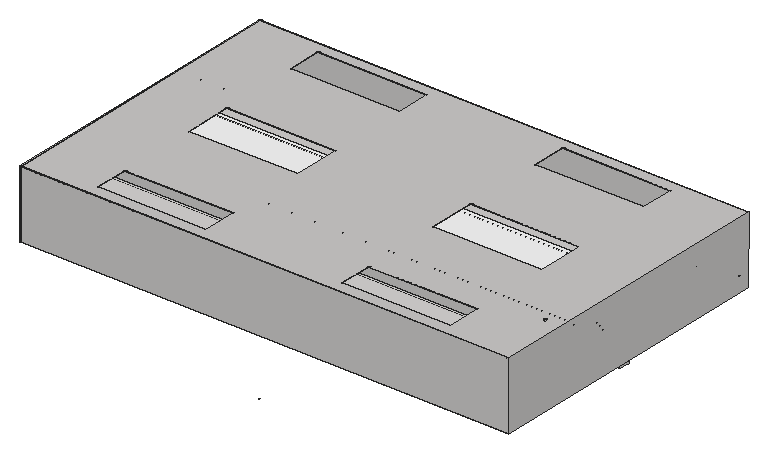
Revit family "QF_ELECTROLUXPROFESSIONAL_641270_STCF2236", category Specialty Equipment, Revit 2014
Reference planes
  plane 1: z = 0
  plane 2 "Center (Left/Right)": x = 150
  plane 3 "LEFT": x = -1650
  plane 4 "RIGHT": x = 1950
  plane 5 "BACK": y = 550
  plane 6 "TOP": z = 2500
  plane 7 "Base": z = 2000
  plane 8: z = 1955
  plane 9: x = -1647
  plane 10 "DrainX": x = 1830
  plane 11 "AOLeft2": x = -350
  plane 12 "AORight1": x = 650
  plane 13: x = 1947
  plane 14: x = -1450
  plane 15: x = 1750
  plane 16 "Center (Front/Back)": y = -550
  plane 17 "Front": y = -1650
  plane 18 "AOLeft1": x = -1150
  plane 19 "AORight2": x = 1450
  plane 20 "EI_y": y = -1170
  plane 21 "EIx": x = 1830
  plane 22: y = 464
  plane 23: y = 214
  plane 24: y = -1564
  plane 25: y = -1314
  plane 26: y = -375
  plane 27: y = -725
Forms (mm)
  Extrusion 1, solid, material "QF_Finishes_Stainless Steel"
    sketch origin (-1650, 0, 360) x (0, 1, 0) y (0, 0, 1)
      loop
        line (550, 1640) -> (550, 2140) -> (-1650, 2140) -> (-1650, 1640) -> (550, 1640)
    from 0 to 3
  Extrusion 2, solid, material "QF_Finishes_Stainless Steel"
    sketch origin (1950, 0, 360) x (0, 1, 0) y (0, 0, 1)
      loop
        line (550, 1640) -> (550, 2140) -> (-1650, 2140) -> (-1650, 1640) -> (550, 1640)
    from 0 to -3
  Extrusion 3, solid, material "QF_Finishes_Stainless Steel"
    sketch origin (150, 0, 360) x (0, 1, 0) y (0, 0, 1)
      loop
        line (-1650, 2140) -> (-1650, 1640) -> (-1640, 1640) -> (-1640, 1640.8) -> (-1649.2, 1640.8) -> (-1649.2, 2139.19) -> (549.2, 2139.19) -> (549.2, 1640.8) -> (540, 1640.8) -> (540, 1640) -> (550, 1640) -> (550, 2140) -> (-1650, 2140)
    from -1800 to 1800
  Extrusion 4, solid, material "QF_Finishes_Stainless Steel"
    sketch origin (0, -840, 2000) x (0, 1, 0) y (-1, 0, 0)
      loop
        circle (290, -1830) r 4.763
    from -30 to 0
  Extrusion 5, void
    sketch origin (0, 0, 2500) x (0, 1, 0) y (-1, 0, 0)
      loop
        line (-1564, 350) -> (-1314, 350) -> (-1314, 1150) -> (-1564, 1150) -> (-1564, 350)
    from 0 to -10
  Extrusion 6, solid, material "QF_Finishes_Stainless Steel"
    sketch origin (0, 0, 0) x (1, 0, 0) y (0, 1, 0)
      loop
        line (-1650, 550) -> (-1650, 549) -> (-1649, 549) -> (-1649, 550) -> (-1650, 550)
    from 0 to 1
  Sweep 7, solid, material "QF_Finishes_Stainless Steel"
    path origin (0, 0, 0) x (1, 0, 0) y (0, 1, 0)
      loop
        line (1950, 550) -> (-1650, 550) -> (-1650, -1650) -> (1950, -1650) -> (1950, 550)
    profile origin (1950, -550, 0) x (1, 0, 0) y (0, 0, 1)
      loop
        line (-3, 2000) -> (-3, 2000.8) -> (-19, 2000.8) -> (-19, 2010) -> (-20, 2010) -> (-20, 2000) -> (-3, 2000)
  Extrusion 8, solid, material "QF_Finishes_Stainless Steel"
    sketch origin (150, -636.588, -19.176) x (0, 0.995194, 0.097925) y (0, -0.097925, 0.995194)
      loop
        line (214.66, 2095.469) -> (240.643, 2110.471) -> (61.744, 2411.771) -> (35.948, 2396.455) -> (214.66, 2095.469)
    from -1797 to -1600
  Extrusion 9, void
    sketch origin (1134.605, 0, 2500) x (0, 1, 0) y (-1, 0, 0)
      loop
        line (-1564, -315.395) -> (-1314, -315.395) -> (-1314, 484.605) -> (-1564, 484.605) -> (-1564, -315.395)
    from 0 to -10
  Extrusion 10, solid, material "QF_Finishes_Stainless Steel"
    sketch origin (1830, -840, 0) x (0, 1, 0) y (0, 0, 1)
      loop
        line (339, 2000) -> (241, 2000) -> (241, 1989) -> (248.5, 1989) -> (248.5, 1965)
        arc (248.5, 1965) -> (251.429, 1957.929) -> (258.5, 1955) r 10
        line (258.5, 1955) -> (321.5, 1955)
        arc (321.5, 1955) -> (328.571, 1957.929) -> (331.5, 1965) r 10
        line (331.5, 1965) -> (331.5, 1989) -> (339, 1989) -> (339, 2000)
    from 90 to -90
  Extrusion 11, solid, material "QF_Finishes_Stainless Steel"
    sketch origin (150, -636.588, -19.176) x (0, 0.995194, 0.097925) y (0, -0.097925, 0.995194)
      loop
        line (214.66, 2095.469) -> (240.643, 2110.471) -> (61.744, 2411.771) -> (35.948, 2396.455) -> (214.66, 2095.469)
    from 1600 to 1797
  Extrusion 12, solid, material "QF_Finished_Chrome"
    sketch origin (150, -636.588, -19.176) x (0, 0.995194, 0.097925) y (0, -0.097925, 0.995194)
      loop
        line (214.66, 2095.469) -> (240.643, 2110.471) -> (61.744, 2411.771) -> (35.948, 2396.455) -> (214.66, 2095.469)
    from -1600 to 1600
  Extrusion 13, void
    sketch origin (0, 1180, 2500) x (0, 1, 0) y (-1, 0, 0)
      loop
        line (-1555, 350) -> (-1555, 1150) -> (-1905, 1150) -> (-1905, 350) -> (-1555, 350)
    from 0 to -10
  Extrusion 14, void
    sketch origin (1600, 1180, 2500) x (0, 1, 0) y (-1, 0, 0)
      loop
        line (-1555, 150) -> (-1555, 950) -> (-1905, 950) -> (-1905, 150) -> (-1555, 150)
    from 0 to -10
  Extrusion 15, solid, material "QF_Finishes_Stainless Steel"
    sketch origin (0, 0, 2500) x (0, 1, 0) y (-1, 0, 0)
      loop
        circle (-1170, -1830) r 10
    from 0 to 1.6
  Extrusion 16, solid, material "QF_LAMPS"
    sketch origin (150, -267.149, 218.369) x (0, 0.987229, -0.159309) y (0, 0.159309, 0.987229)
      loop
        line (-1250.105, 1928.62) -> (-1096.231, 2053.226) -> (-1104.529, 2063.269) -> (-1258.575, 1938.524) -> (-1250.105, 1928.62)
    from 1797 to -1797
  Extrusion 17, solid, material "QF_Finishes_Stainless Steel"
    sketch origin (150, 0, 360) x (0, 1, 0) y (0, 0, 1)
      loop
        line (-1650, 2139.19) -> (-1650, 1640) -> (-1586.602, 1640) -> (-1499.146, 1690.493) -> (-1510.058, 1709.394) -> (-1566.564, 1676.77) -> (-1614.704, 1680.982) -> (-1649.2, 1730.248) -> (-1649.2, 2139.19) -> (-1650, 2139.19)
      loop
        line (-1194.054, 1961.505) -> (-1200.838, 1972.631) -> (-1186.477, 1980.7) -> (-1186.477, 2127.391) -> (-1085.664, 2127.391) -> (-1029.871, 2072.95) -> (-1022.281, 2060.013) -> (-919.435, 2120.351) -> (-919.902, 2121.003) -> (-1021.996, 2061.107) -> (-1029.236, 2073.448) -> (-1085.338, 2128.191) -> (-1187.277, 2128.191) -> (-1187.277, 1982.446) -> (-1586.208, 1744.533) -> (-1576.362, 1728.386) -> (-1194.054, 1961.505)
    from -1797 to 1797
  Extrusion 18, void
    sketch origin (0, 814, 2500) x (0, 1, 0) y (-1, 0, 0)
      loop
        line (-600, 350) -> (-350, 350) -> (-350, 1150) -> (-600, 1150) -> (-600, 350)
    from 0 to -10
  Extrusion 19, void
    sketch origin (1134.605, 814, 2500) x (0, 1, 0) y (-1, 0, 0)
      loop
        line (-600, -315.395) -> (-350, -315.395) -> (-350, 484.605) -> (-600, 484.605) -> (-600, -315.395)
    from 0 to -10
  Extrusion 20, solid, material "QF_Finishes_Stainless Steel"
    sketch origin (150, 0, 0) x (0, 1, 0) y (0, 0, 1)
      loop
        line (-628.158, 2087.242) -> (-603.769, 2104.716) -> (-811.314, 2387.05) -> (-835.486, 2369.281) -> (-628.158, 2087.242)
    from -1797 to -1600
  Extrusion 21, solid, material "QF_Finished_Chrome"
    sketch origin (150, 0, 0) x (0, 1, 0) y (0, 0, 1)
      loop
        line (-628.158, 2087.242) -> (-603.769, 2104.716) -> (-811.314, 2387.05) -> (-835.486, 2369.281) -> (-628.158, 2087.242)
    from -1600 to 1600
  Extrusion 22, solid, material "QF_Finishes_Stainless Steel"
    sketch origin (150, -870.88, 319.508) x (0, 0.995194, 0.097925) y (0, -0.097925, 0.995194)
      loop
        line (426.151, 1646.675) -> (483.9, 1640.993) -> (483.982, 1641.83) -> (426.613, 1647.475) -> (371.906, 1742.23) -> (414.858, 1734.657) -> (442.266, 1750.481) -> (442.266, 1765.943) -> (441.466, 1765.943) -> (441.466, 1750.943) -> (414.709, 1735.495) -> (321.153, 1751.991) -> (320.875, 1750.416) -> (371.4, 1741.507) -> (426.151, 1646.675)
      loop
        line (162.878, 2155.907) -> (242.893, 2017.316) -> (245.133, 2018.715) -> (240.13, 2027.381) -> (238.569, 2026.405) -> (163.571, 2156.307) -> (162.878, 2155.907)
    from -1797 to 1797
  Extrusion 23, solid, material "QF_Finishes_Stainless Steel"
    sketch origin (150, -463.412, -19.176) x (0, -0.995194, 0.097925) y (0, -0.097925, -0.995194)
      loop
        line (214.66, -2095.469) -> (35.948, -2396.455) -> (61.744, -2411.771) -> (240.643, -2110.471) -> (214.66, -2095.469)
    from 1600 to 1797
  Extrusion 24, solid, material "QF_Finishes_Stainless Steel"
    sketch origin (150, 0, 0) x (0, 1, 0) y (0, 0, 1)
      loop
        line (-471.842, 2087.242) -> (-264.514, 2369.281) -> (-288.686, 2387.05) -> (-496.231, 2104.716) -> (-471.842, 2087.242)
    from -1797 to -1600
  Extrusion 25, solid, material "QF_Finished_Chrome"
    sketch origin (150, 0, 0) x (0, 1, 0) y (0, 0, 1)
      loop
        line (-471.842, 2087.242) -> (-264.514, 2369.281) -> (-288.686, 2387.05) -> (-496.231, 2104.716) -> (-471.842, 2087.242)
    from -1600 to 1600
  Extrusion 26, solid, material "QF_Finishes_Stainless Steel"
    sketch origin (150, -229.12, 319.508) x (0, -0.995194, 0.097925) y (0, -0.097925, -0.995194)
      loop
        line (426.151, -1646.675) -> (371.4, -1741.507) -> (320.875, -1750.416) -> (321.153, -1751.991) -> (414.709, -1735.495) -> (441.466, -1750.943) -> (441.466, -1765.943) -> (442.266, -1765.943) -> (442.266, -1750.481) -> (414.858, -1734.657) -> (371.906, -1742.23) -> (426.613, -1647.475) -> (483.982, -1641.83) -> (483.9, -1640.993) -> (426.151, -1646.675)
      loop
        line (162.878, -2155.907) -> (163.571, -2156.307) -> (238.569, -2026.405) -> (240.13, -2027.381) -> (245.133, -2018.715) -> (242.893, -2017.316) -> (162.878, -2155.907)
    from -1797 to 1797
  Extrusion 27, solid, material "QF_LAMPS"
    sketch origin (150, -832.851, 218.369) x (0, -0.987229, -0.159309) y (0, 0.159309, -0.987229)
      loop
        line (-1250.105, -1928.62) -> (-1258.575, -1938.524) -> (-1104.529, -2063.269) -> (-1096.231, -2053.226) -> (-1250.105, -1928.62)
    from 1797 to -1797
  Extrusion 28, solid, material "QF_Finishes_Stainless Steel"
    sketch origin (150, -1100, 360) x (0, -1, 0) y (0, 0, -1)
      loop
        line (-1650, -2139.19) -> (-1649.2, -2139.19) -> (-1649.2, -1730.248) -> (-1614.704, -1680.982) -> (-1566.564, -1676.77) -> (-1510.058, -1709.394) -> (-1499.146, -1690.493) -> (-1586.602, -1640) -> (-1650, -1640) -> (-1650, -2139.19)
      loop
        line (-1194.054, -1961.505) -> (-1576.362, -1728.386) -> (-1586.208, -1744.533) -> (-1187.277, -1982.446) -> (-1187.277, -2128.191) -> (-1085.338, -2128.191) -> (-1029.236, -2073.448) -> (-1021.996, -2061.107) -> (-919.902, -2121.003) -> (-919.435, -2120.351) -> (-1022.281, -2060.013) -> (-1029.871, -2072.95) -> (-1085.664, -2127.391) -> (-1186.477, -2127.391) -> (-1186.477, -1980.7) -> (-1200.838, -1972.631) -> (-1194.054, -1961.505)
    from -1797 to 1797
Cuts and joins
  Extrusion 5, Extrusion 9, Extrusion 13, Extrusion 14, Extrusion 18, Extrusion 19 cuts Extrusion 3
  joined: Extrusion 2, Extrusion 3, Sweep 7
Lines and regions (mm)
  symbolic lines, style "SpecialityEquipment", detail levels coarse
    curve 1: line (1950, 550, 2500) -> (-1650, 550, 2500)
    curve 2: line (-1650, 550, 2500) -> (-1650, -1650, 2500)
    curve 3: line (1950, -1650, 2500) -> (1950, 550, 2500)
    curve 4: line (-1650, 550, 0) -> (1950, -1650, 0)
    curve 5: line (1950, 550, 0) -> (-1650, -1650, 0)
    curve 6: line (-1650, -1650, 0) -> (1950, -1650, 0)
  symbolic lines, detail levels coarse
    curve 7: line (-1150, 464, 2500) -> (-350, 464, 2500)
    curve 8: line (-1150, 214, 2500) -> (-1150, 464, 2500)
    curve 9: line (-350, 214, 2500) -> (-1150, 214, 2500)
    curve 10: line (-350, 464, 2500) -> (-350, 214, 2500)
    curve 11: line (650, 464, 2500) -> (1450, 464, 2500)
    curve 12: line (650, 214, 2500) -> (650, 464, 2500)
    curve 13: line (1450, 214, 2500) -> (650, 214, 2500)
    curve 14: line (1450, 464, 2500) -> (1450, 214, 2500)
    curve 15: line (-1150, -375, 2500) -> (-350, -375, 2500)
    curve 16: line (-1150, -725, 2500) -> (-1150, -375, 2500)
    curve 17: line (-350, -725, 2500) -> (-1150, -725, 2500)
    curve 18: line (-350, -375, 2500) -> (-350, -725, 2500)
    curve 19: line (650, -375, 2500) -> (1450, -375, 2500)
    curve 20: line (650, -725, 2500) -> (650, -375, 2500)
    curve 21: line (1450, -725, 2500) -> (650, -725, 2500)
    curve 22: line (1450, -375, 2500) -> (1450, -725, 2500)
    curve 23: line (-1150, -1314, 2500) -> (-350, -1314, 2500)
    curve 24: line (-1150, -1564, 2500) -> (-1150, -1314, 2500)
    curve 25: line (-350, -1564, 2500) -> (-1150, -1564, 2500)
    curve 26: line (-350, -1314, 2500) -> (-350, -1564, 2500)
    curve 27: line (650, -1314, 2500) -> (1450, -1314, 2500)
    curve 28: line (650, -1564, 2500) -> (650, -1314, 2500)
    curve 29: line (1450, -1564, 2500) -> (650, -1564, 2500)
    curve 30: line (1450, -1314, 2500) -> (1450, -1564, 2500)
Dimensions and locks
  plane 3 "LEFT" to plane 4 "RIGHT" = 3600 mm
  equal spacing: plane 3 "LEFT", plane 2 "Center (Left/Right)", plane 4 "RIGHT"
  plane 7 "Base" to plane 8 = 45 mm
  plane 3 "LEFT" to plane 9 = 3 mm
  plane 10 "DrainX" to plane 4 "RIGHT" = 120 mm
  plane 13 to plane 4 "RIGHT" = 3 mm
  plane 3 "LEFT" to plane 14 = 200 mm
  plane 15 to plane 4 "RIGHT" = 200 mm
  locked: plane 11 "AOLeft2" to plane 12 "AORight1" at 1000
  equal spacing: plane 11 "AOLeft2", plane 2 "Center (Left/Right)", plane 12 "AORight1"
  locked: plane 7 "Base" to level at 2000
  locked: plane 6 "TOP" to plane 7 "Base" at 500
  locked: plane 18 "AOLeft1" to plane 11 "AOLeft2" at 800
  locked: plane 12 "AORight1" to plane 19 "AORight2" at 800
  locked: plane 20 "EI_y" to plane 17 "Front" at 480
  locked: plane 21 "EIx" to plane 4 "RIGHT" at 120
  locked: plane 5 "BACK" to plane 22 at 86
  plane 22 to plane 23 = 250 mm
  locked: plane 24 to plane 17 "Front" at 86
  locked: plane 24 to plane 25 at 250
  plane 26 to plane 16 "Center (Front/Back)" = 175 mm
  plane 16 "Center (Front/Back)" to plane 27 = 175 mm
  plane 26 to plane 27 = 350 mm
  locked: plane 5 "BACK" to plane 17 "Front" at 2200
  plane 5 "BACK" to plane 16 "Center (Front/Back)" to plane 17 "Front" = 1100 mm, 1100 mm
  plane 5 "BACK" to plane 17 "Front" = 2200 mm
  aligned and locked: level to plane 1
  aligned and locked: plane 4 "RIGHT" to Extrusion 3
  aligned and locked: Extrusion 3 to plane 3 "LEFT"
  aligned and locked: Extrusion 2 to plane 13
  aligned and locked: Extrusion 8 to plane 9
  aligned and locked: plane 18 "AOLeft1" to Extrusion 5
  aligned and locked: Extrusion 5 to plane 11 "AOLeft2"
  aligned and locked: Extrusion 9 to plane 19 "AORight2"
  aligned and locked: plane 12 "AORight1" to Extrusion 9
  aligned and locked: plane 14 to Extrusion 8
  aligned and locked: plane 15 to Extrusion 11
  aligned and locked: plane 13 to Extrusion 11
  aligned and locked: Extrusion 12 to plane 14
  aligned and locked: Extrusion 12 to plane 15
  aligned and locked: plane 12 "AORight1" to Extrusion 14
  aligned and locked: plane 19 "AORight2" to Extrusion 14
  aligned and locked: Extrusion 13 to plane 18 "AOLeft1"
  aligned and locked: Extrusion 13 to plane 11 "AOLeft2"
  aligned and locked: plane 24 to Extrusion 5
  aligned and locked: Extrusion 5 to plane 25
  aligned and locked: Extrusion 9 to plane 25
  aligned and locked: plane 24 to Extrusion 9
  aligned and locked: Extrusion 18 to plane 18 "AOLeft1"
  aligned and locked: Extrusion 18 to plane 11 "AOLeft2"
  aligned and locked: plane 12 "AORight1" to Extrusion 19
  aligned and locked: plane 19 "AORight2" to Extrusion 19
  aligned and locked: plane 26 to Extrusion 13
  aligned and locked: Extrusion 13 to plane 27
  aligned and locked: plane 26 to Extrusion 14
  aligned and locked: Extrusion 14 to plane 27
  aligned and locked: plane 22 to Extrusion 18
  aligned and locked: Extrusion 18 to plane 23
  aligned and locked: plane 22 to Extrusion 19
  aligned and locked: Extrusion 19 to plane 23
  aligned and locked: Extrusion 17 to plane 9
  aligned and locked: Extrusion 16 to plane 9
  aligned and locked: Extrusion 16 to plane 13
  aligned and locked: Extrusion 17 to plane 13
  aligned and locked: Extrusion 28 to plane 9
  aligned and locked: Extrusion 27 to plane 9
  aligned and locked: Extrusion 26 to plane 9
  aligned and locked: plane 9 to Extrusion 20
  aligned and locked: Extrusion 22 to plane 9
  aligned and locked: plane 14 to Extrusion 20
  aligned and locked: Extrusion 25 to plane 14
  aligned and locked: plane 13 to Extrusion 22
  aligned and locked: plane 13 to Extrusion 26
  aligned and locked: plane 13 to Extrusion 28
  aligned and locked: Extrusion 23 to plane 13
  aligned and locked: plane 13 to Extrusion 27
  aligned and locked: Extrusion 21 to plane 14
  aligned and locked: Extrusion 21 to plane 15
  aligned and locked: plane 15 to Extrusion 23
  aligned and locked: Extrusion 25 to plane 15
  aligned and locked: plane 14 to Extrusion 24
  aligned and locked: Extrusion 24 to plane 9
Automatic sketch dimensions
  curve 6 to plane 3 "LEFT" = 0 mm
  curve 4 to plane 3 "LEFT" = 0 mm
  curve 5 to plane 4 "RIGHT" = 0 mm
  curve 6 to plane 4 "RIGHT" = 0 mm
  curve 4 to plane 17 "Front" = 0 mm
  curve 5 to plane 5 "BACK" = 0 mm
  curve 4 to plane 5 "BACK" = 0 mm
  Extrusion 1 sketch curve to plane 7 "Base" = 0 mm
  Extrusion 1 sketch curve to plane 17 "Front" = 0 mm
  Extrusion 1 sketch curve to plane 5 "BACK" = 0 mm
  Extrusion 1 sketch curve to plane 6 "TOP" = 0 mm
  Extrusion 2 sketch curve to plane 7 "Base" = 0 mm
  Extrusion 2 sketch curve to plane 17 "Front" = 0 mm
  Extrusion 2 sketch curve to plane 5 "BACK" = 0 mm
  Extrusion 2 sketch curve to plane 6 "TOP" = 0 mm
  Extrusion 3 sketch curve to plane 6 "TOP" = 0 mm
  Extrusion 3 sketch curve to plane 17 "Front" = 0 mm
  Extrusion 3 sketch curve to plane 7 "Base" = 0 mm  (x2)
  Extrusion 3 sketch curve to plane 5 "BACK" = 0 mm
  plane 17 "Front" to Extrusion 3 sketch curve = 0.8 mm
  Extrusion 3 sketch curve to Extrusion 3 sketch curve = 9.2 mm
  plane 7 "Base" to Extrusion 3 sketch curve = 0.8 mm  (x2)
  Extrusion 3 sketch curve to plane 5 "BACK" = 10 mm
  Extrusion 3 sketch curve to plane 5 "BACK" = 0.8 mm
  Extrusion 3 sketch curve to plane 6 "TOP" = 0.81 mm
  Extrusion 4 sketch curve to plane 10 "DrainX" = 0 mm
  Extrusion 4 sketch curve to plane 16 "Center (Front/Back)" = 0 mm
  Extrusion 5 sketch curve to plane 18 "AOLeft1" = 0 mm
  plane 24 to Extrusion 5 sketch curve = 0 mm
  Extrusion 5 sketch curve to plane 11 "AOLeft2" = 0 mm
  plane 25 to Extrusion 5 sketch curve = 0 mm
  Extrusion 6 sketch curve to plane 3 "LEFT" = 0 mm
  Extrusion 6 sketch curve to plane 5 "BACK" = 0 mm
  plane 3 "LEFT" to Extrusion 6 sketch curve = 1 mm
  Extrusion 6 sketch curve to Extrusion 6 sketch curve = 1 mm
  Sweep 7 sketch curve to plane 3 "LEFT" = 0 mm
  Sweep 7 sketch curve to plane 4 "RIGHT" = 0 mm
  Sweep 7 sketch curve to plane 17 "Front" = 0 mm
  Sweep 7 sketch curve to plane 5 "BACK" = 0 mm
  profile plane to Sweep 7 sketch curve = 20 mm
  Sweep 7 sketch curve to Sweep 7 sketch curve = 1 mm
  profile plane to Sweep 7 sketch curve = 3 mm
  level to Sweep 7 sketch curve = 2000 mm
  Sweep 7 sketch curve to Sweep 7 sketch curve = 0.8 mm
  Sweep 7 sketch curve to Sweep 7 sketch curve = 9.2 mm
  Extrusion 8 sketch curve to plane 27 = 110.486 mm
  Extrusion 8 sketch curve to plane 6 "TOP" = 130.719 mm
  Extrusion 8 sketch curve to Extrusion 8 sketch curve = 25.795 mm
  Extrusion 8 sketch curve to Extrusion 8 sketch curve = 178.712 mm
  Extrusion 8 sketch curve to Extrusion 8 sketch curve = 25.983 mm
  Extrusion 8 sketch curve to Extrusion 8 sketch curve = 285.985 mm
  Extrusion 8 sketch curve to Extrusion 8 sketch curve = 15.001 mm
  Extrusion 8 sketch curve to Extrusion 8 sketch curve = 15.316 mm
  Extrusion 9 sketch curve to plane 12 "AORight1" = 0 mm
  plane 24 to Extrusion 9 sketch curve = 0 mm
  Extrusion 9 sketch curve to plane 19 "AORight2" = 0 mm
  plane 25 to Extrusion 9 sketch curve = 0 mm
  Extrusion 10 sketch curve to plane 8 = 0 mm
  Extrusion 10 sketch curve to plane 7 "Base" = 11 mm  (x2)
  Extrusion 10 sketch curve to plane 16 "Center (Front/Back)" = 49 mm
  Extrusion 10 sketch curve to Extrusion 10 sketch curve = 7.5 mm  (x2)
  plane 8 to Extrusion 10 sketch curve = 10 mm
  plane 16 "Center (Front/Back)" to Extrusion 10 sketch curve = 31.5 mm
  Extrusion 10 sketch curve to Extrusion 10 sketch curve = 10 mm
  plane 7 "Base" to Extrusion 10 sketch curve = 0 mm
  Extrusion 11 sketch curve to plane 27 = 110.486 mm
  Extrusion 11 sketch curve to plane 6 "TOP" = 130.719 mm
  Extrusion 11 sketch curve to Extrusion 11 sketch curve = 25.795 mm
  Extrusion 11 sketch curve to Extrusion 11 sketch curve = 178.712 mm
  Extrusion 11 sketch curve to Extrusion 11 sketch curve = 25.983 mm
  Extrusion 11 sketch curve to Extrusion 11 sketch curve = 285.985 mm
  Extrusion 11 sketch curve to Extrusion 11 sketch curve = 15.001 mm
  Extrusion 11 sketch curve to Extrusion 11 sketch curve = 15.316 mm
  Extrusion 12 sketch curve to plane 27 = 110.486 mm
  Extrusion 12 sketch curve to plane 6 "TOP" = 130.719 mm
  Extrusion 12 sketch curve to Extrusion 12 sketch curve = 25.795 mm
  Extrusion 12 sketch curve to Extrusion 12 sketch curve = 178.712 mm
  Extrusion 12 sketch curve to Extrusion 12 sketch curve = 25.983 mm
  Extrusion 12 sketch curve to Extrusion 12 sketch curve = 285.985 mm
  Extrusion 12 sketch curve to Extrusion 12 sketch curve = 15.001 mm
  Extrusion 12 sketch curve to Extrusion 12 sketch curve = 15.316 mm
  Extrusion 13 sketch curve to plane 11 "AOLeft2" = 0 mm
  Extrusion 13 sketch curve to plane 27 = 0 mm
  Extrusion 13 sketch curve to plane 26 = 0 mm
  Extrusion 13 sketch curve to plane 18 "AOLeft1" = 0 mm
  Extrusion 14 sketch curve to plane 19 "AORight2" = 0 mm
  Extrusion 14 sketch curve to plane 27 = 0 mm
  Extrusion 14 sketch curve to plane 26 = 0 mm
  Extrusion 14 sketch curve to plane 12 "AORight1" = 0 mm
  Extrusion 15 sketch curve to plane 20 "EI_y" = 0 mm
  Extrusion 15 sketch curve to plane 21 "EIx" = 0 mm
  Extrusion 16 sketch curve to plane 20 "EI_y" = 30.826 mm
  Extrusion 16 sketch curve to plane 6 "TOP" = 167.362 mm
  Extrusion 16 sketch curve to Extrusion 16 sketch curve = 8.47 mm
  Extrusion 16 sketch curve to Extrusion 16 sketch curve = 154.047 mm
  Extrusion 16 sketch curve to Extrusion 16 sketch curve = 8.298 mm
  Extrusion 16 sketch curve to Extrusion 16 sketch curve = 9.904 mm
  Extrusion 16 sketch curve to Extrusion 16 sketch curve = 124.605 mm
  Extrusion 16 sketch curve to Extrusion 16 sketch curve = 10.043 mm
  Extrusion 17 sketch curve to plane 17 "Front" = 0 mm
  Extrusion 17 sketch curve to plane 7 "Base" = 0 mm
  plane 17 "Front" to Extrusion 17 sketch curve = 0.8 mm
  plane 17 "Front" to Extrusion 17 sketch curve = 35.296 mm
  plane 24 to Extrusion 17 sketch curve = 22.602 mm
  plane 24 to Extrusion 17 sketch curve = 22.208 mm
  plane 24 to Extrusion 17 sketch curve = 12.362 mm
  plane 24 to Extrusion 17 sketch curve = 2.564 mm
  Extrusion 17 sketch curve to plane 24 = 53.942 mm
  Extrusion 17 sketch curve to Extrusion 17 sketch curve = 10.912 mm
  Extrusion 17 sketch curve to plane 20 "EI_y" = 30.838 mm
  Extrusion 17 sketch curve to Extrusion 17 sketch curve = 6.784 mm
  Extrusion 17 sketch curve to Extrusion 17 sketch curve = 13.561 mm
  Extrusion 17 sketch curve to Extrusion 17 sketch curve = 0.8 mm  (x2)
  Extrusion 17 sketch curve to plane 6 "TOP" = 12.609 mm
  plane 20 "EI_y" to Extrusion 17 sketch curve = 84.336 mm
  Extrusion 17 sketch curve to Extrusion 17 sketch curve = 0.326 mm
  Extrusion 17 sketch curve to plane 6 "TOP" = 67.05 mm
  Extrusion 17 sketch curve to Extrusion 17 sketch curve = 55.793 mm
  Extrusion 17 sketch curve to plane 6 "TOP" = 66.552 mm
  Extrusion 17 sketch curve to Extrusion 17 sketch curve = 0.636 mm
  Extrusion 17 sketch curve to Extrusion 17 sketch curve = 7.59 mm
  Extrusion 17 sketch curve to plane 6 "TOP" = 78.893 mm
  Extrusion 17 sketch curve to Extrusion 17 sketch curve = 0.285 mm
  Extrusion 17 sketch curve to plane 6 "TOP" = 18.997 mm
  Extrusion 17 sketch curve to plane 6 "TOP" = 19.649 mm
  Extrusion 17 sketch curve to Extrusion 17 sketch curve = 0.467 mm
  plane 7 "Base" to Extrusion 17 sketch curve = 36.77 mm
  plane 7 "Base" to Extrusion 17 sketch curve = 40.982 mm
  plane 7 "Base" to Extrusion 17 sketch curve = 50.493 mm
  Extrusion 17 sketch curve to Extrusion 17 sketch curve = 18.901 mm
  Extrusion 17 sketch curve to Extrusion 17 sketch curve = 51.616 mm
  Extrusion 17 sketch curve to Extrusion 17 sketch curve = 49.266 mm
  Extrusion 17 sketch curve to Extrusion 17 sketch curve = 16.147 mm
  Extrusion 17 sketch curve to Extrusion 17 sketch curve = 165.885 mm
  Extrusion 17 sketch curve to Extrusion 17 sketch curve = 8.069 mm
  Extrusion 17 sketch curve to Extrusion 17 sketch curve = 1.746 mm
  Extrusion 17 sketch curve to Extrusion 17 sketch curve = 1.094 mm
  Extrusion 17 sketch curve to plane 6 "TOP" = 0.81 mm
  plane 18 "AOLeft1" to Extrusion 18 sketch curve = 0 mm
  Extrusion 18 sketch curve to plane 23 = 0 mm
  Extrusion 18 sketch curve to plane 11 "AOLeft2" = 0 mm
  Extrusion 18 sketch curve to plane 22 = 0 mm
  Extrusion 19 sketch curve to plane 12 "AORight1" = 0 mm
  Extrusion 19 sketch curve to plane 23 = 0 mm
  Extrusion 19 sketch curve to plane 19 "AORight2" = 0 mm
  Extrusion 19 sketch curve to plane 22 = 0 mm
  Extrusion 22 sketch curve to plane 6 "TOP" = 18.997 mm
  Extrusion 22 sketch curve to plane 27 = 194.902 mm
  Extrusion 22 sketch curve to Extrusion 22 sketch curve = 0.693 mm
  Extrusion 22 sketch curve to Extrusion 22 sketch curve = 74.998 mm
  Extrusion 22 sketch curve to Extrusion 22 sketch curve = 1.561 mm
  Extrusion 22 sketch curve to Extrusion 22 sketch curve = 4.324 mm
  Extrusion 22 sketch curve to Extrusion 22 sketch curve = 2.24 mm
  Extrusion 22 sketch curve to Extrusion 22 sketch curve = 77.982 mm
  Extrusion 22 sketch curve to Extrusion 22 sketch curve = 0.278 mm
  Extrusion 22 sketch curve to Extrusion 22 sketch curve = 50.525 mm
  Extrusion 22 sketch curve to Extrusion 22 sketch curve = 0.506 mm
  Extrusion 22 sketch curve to Extrusion 22 sketch curve = 42.803 mm
  Extrusion 22 sketch curve to Extrusion 22 sketch curve = 0.148 mm
  Extrusion 22 sketch curve to Extrusion 22 sketch curve = 11.294 mm
  Extrusion 22 sketch curve to Extrusion 22 sketch curve = 0.462 mm  (x2)
  Extrusion 22 sketch curve to Extrusion 22 sketch curve = 57.287 mm
  Extrusion 22 sketch curve to Extrusion 22 sketch curve = 0.082 mm
  Extrusion 22 sketch curve to Extrusion 22 sketch curve = 26.757 mm
  Extrusion 22 sketch curve to Extrusion 22 sketch curve = 0.8 mm
  Extrusion 22 sketch curve to Extrusion 22 sketch curve = 128.526 mm
  Extrusion 22 sketch curve to Extrusion 22 sketch curve = 0.975 mm
  Extrusion 22 sketch curve to Extrusion 22 sketch curve = 1.399 mm
  Extrusion 22 sketch curve to Extrusion 22 sketch curve = 252.773 mm
  Extrusion 22 sketch curve to Extrusion 22 sketch curve = 13.951 mm
  Extrusion 22 sketch curve to Extrusion 22 sketch curve = 15 mm
  Extrusion 22 sketch curve to Extrusion 22 sketch curve = 1.575 mm
  Extrusion 22 sketch curve to Extrusion 22 sketch curve = 0.723 mm
  Extrusion 22 sketch curve to Extrusion 22 sketch curve = 0.838 mm
  Extrusion 22 sketch curve to Extrusion 22 sketch curve = 87.182 mm
  Extrusion 22 sketch curve to Extrusion 22 sketch curve = 5.645 mm
  Extrusion 23 sketch curve to plane 26 = 110.486 mm
  plane 6 "TOP" to Extrusion 23 sketch curve = 130.719 mm
  Extrusion 23 sketch curve to Extrusion 23 sketch curve = 25.795 mm
  Extrusion 23 sketch curve to Extrusion 23 sketch curve = 178.712 mm
  Extrusion 23 sketch curve to Extrusion 23 sketch curve = 25.983 mm
  Extrusion 23 sketch curve to Extrusion 23 sketch curve = 285.985 mm
  Extrusion 23 sketch curve to Extrusion 23 sketch curve = 15.001 mm
  Extrusion 23 sketch curve to Extrusion 23 sketch curve = 15.316 mm
  Extrusion 26 sketch curve to plane 6 "TOP" = 18.997 mm
  plane 26 to Extrusion 26 sketch curve = 194.902 mm
  Extrusion 26 sketch curve to Extrusion 26 sketch curve = 0.693 mm
  Extrusion 26 sketch curve to Extrusion 26 sketch curve = 74.998 mm
  Extrusion 26 sketch curve to Extrusion 26 sketch curve = 1.561 mm
  Extrusion 26 sketch curve to Extrusion 26 sketch curve = 4.324 mm
  Extrusion 26 sketch curve to Extrusion 26 sketch curve = 2.24 mm
  Extrusion 26 sketch curve to Extrusion 26 sketch curve = 77.982 mm
  Extrusion 26 sketch curve to Extrusion 26 sketch curve = 0.278 mm
  Extrusion 26 sketch curve to Extrusion 26 sketch curve = 50.525 mm
  Extrusion 26 sketch curve to Extrusion 26 sketch curve = 0.506 mm
  Extrusion 26 sketch curve to Extrusion 26 sketch curve = 42.803 mm
  Extrusion 26 sketch curve to Extrusion 26 sketch curve = 0.148 mm
  Extrusion 26 sketch curve to Extrusion 26 sketch curve = 11.294 mm
  Extrusion 26 sketch curve to Extrusion 26 sketch curve = 0.462 mm  (x2)
  Extrusion 26 sketch curve to Extrusion 26 sketch curve = 57.287 mm
  Extrusion 26 sketch curve to Extrusion 26 sketch curve = 0.082 mm
  Extrusion 26 sketch curve to Extrusion 26 sketch curve = 26.757 mm
  Extrusion 26 sketch curve to Extrusion 26 sketch curve = 0.8 mm
  Extrusion 26 sketch curve to Extrusion 26 sketch curve = 0.4 mm
  Extrusion 26 sketch curve to Extrusion 26 sketch curve = 0.975 mm
  Extrusion 26 sketch curve to Extrusion 26 sketch curve = 1.399 mm
  Extrusion 26 sketch curve to Extrusion 26 sketch curve = 252.773 mm
  Extrusion 26 sketch curve to Extrusion 26 sketch curve = 13.951 mm
  Extrusion 26 sketch curve to Extrusion 26 sketch curve = 15 mm
  Extrusion 26 sketch curve to Extrusion 26 sketch curve = 1.575 mm
  Extrusion 26 sketch curve to Extrusion 26 sketch curve = 0.723 mm
  Extrusion 26 sketch curve to Extrusion 26 sketch curve = 0.838 mm
  Extrusion 26 sketch curve to Extrusion 26 sketch curve = 87.182 mm
  Extrusion 26 sketch curve to Extrusion 26 sketch curve = 5.645 mm
  plane 23 to Extrusion 27 sketch curve = 113.174 mm
  plane 6 "TOP" to Extrusion 27 sketch curve = 167.362 mm
  Extrusion 27 sketch curve to Extrusion 27 sketch curve = 8.47 mm
  Extrusion 27 sketch curve to Extrusion 27 sketch curve = 154.047 mm
  Extrusion 27 sketch curve to Extrusion 27 sketch curve = 8.298 mm
  Extrusion 27 sketch curve to Extrusion 27 sketch curve = 9.904 mm
  Extrusion 27 sketch curve to Extrusion 27 sketch curve = 124.605 mm
  Extrusion 27 sketch curve to Extrusion 27 sketch curve = 10.043 mm
  Extrusion 28 sketch curve to plane 5 "BACK" = 0 mm
  Extrusion 28 sketch curve to plane 7 "Base" = 0 mm
  Extrusion 28 sketch curve to Extrusion 28 sketch curve = 0.8 mm  (x3)
  plane 5 "BACK" to Extrusion 28 sketch curve = 35.296 mm
  Extrusion 28 sketch curve to plane 22 = 22.602 mm
  Extrusion 28 sketch curve to plane 22 = 22.208 mm
  Extrusion 28 sketch curve to plane 22 = 12.362 mm
  Extrusion 28 sketch curve to plane 22 = 2.564 mm
  plane 22 to Extrusion 28 sketch curve = 53.942 mm
  Extrusion 28 sketch curve to Extrusion 28 sketch curve = 10.912 mm
  plane 23 to Extrusion 28 sketch curve = 113.162 mm
  Extrusion 28 sketch curve to Extrusion 28 sketch curve = 6.784 mm
  Extrusion 28 sketch curve to Extrusion 28 sketch curve = 13.561 mm
  plane 6 "TOP" to Extrusion 28 sketch curve = 12.609 mm
  Extrusion 28 sketch curve to Extrusion 28 sketch curve = 100.813 mm
  Extrusion 28 sketch curve to Extrusion 28 sketch curve = 0.326 mm
  plane 6 "TOP" to Extrusion 28 sketch curve = 67.05 mm
  Extrusion 28 sketch curve to Extrusion 28 sketch curve = 55.793 mm
  plane 6 "TOP" to Extrusion 28 sketch curve = 66.552 mm
  Extrusion 28 sketch curve to Extrusion 28 sketch curve = 0.636 mm
  plane 6 "TOP" to Extrusion 28 sketch curve = 79.987 mm
  Extrusion 28 sketch curve to Extrusion 28 sketch curve = 7.59 mm
  plane 6 "TOP" to Extrusion 28 sketch curve = 78.893 mm
  Extrusion 28 sketch curve to Extrusion 28 sketch curve = 0.285 mm
  plane 6 "TOP" to Extrusion 28 sketch curve = 18.997 mm
  plane 6 "TOP" to Extrusion 28 sketch curve = 19.649 mm
  Extrusion 28 sketch curve to Extrusion 28 sketch curve = 0.467 mm
  Extrusion 28 sketch curve to plane 7 "Base" = 36.77 mm
  Extrusion 28 sketch curve to plane 7 "Base" = 40.982 mm
  Extrusion 28 sketch curve to plane 7 "Base" = 50.493 mm
  Extrusion 28 sketch curve to Extrusion 28 sketch curve = 18.901 mm
  Extrusion 28 sketch curve to Extrusion 28 sketch curve = 51.616 mm
  Extrusion 28 sketch curve to Extrusion 28 sketch curve = 49.266 mm
  Extrusion 28 sketch curve to Extrusion 28 sketch curve = 16.147 mm
  Extrusion 28 sketch curve to Extrusion 28 sketch curve = 165.885 mm
  Extrusion 28 sketch curve to Extrusion 28 sketch curve = 8.069 mm
  Extrusion 28 sketch curve to Extrusion 28 sketch curve = 1.746 mm
  plane 6 "TOP" to Extrusion 28 sketch curve = 0.81 mm
  Extrusion 21 sketch curve to plane 27 = 110.486 mm
  Extrusion 21 sketch curve to Extrusion 21 sketch curve = 24.172 mm
  Extrusion 21 sketch curve to plane 16 "Center (Front/Back)" = 78.158 mm
  Extrusion 21 sketch curve to Extrusion 21 sketch curve = 24.389 mm
  plane 7 "Base" to Extrusion 21 sketch curve = 87.242 mm
  Extrusion 21 sketch curve to Extrusion 21 sketch curve = 17.473 mm
  Extrusion 21 sketch curve to plane 6 "TOP" = 130.719 mm
  Extrusion 21 sketch curve to Extrusion 21 sketch curve = 17.769 mm
  Extrusion 20 sketch curve to plane 27 = 110.486 mm
  Extrusion 20 sketch curve to Extrusion 20 sketch curve = 24.172 mm
  Extrusion 20 sketch curve to plane 16 "Center (Front/Back)" = 78.158 mm
  Extrusion 20 sketch curve to Extrusion 20 sketch curve = 24.389 mm
  plane 7 "Base" to Extrusion 20 sketch curve = 87.242 mm
  Extrusion 20 sketch curve to Extrusion 20 sketch curve = 17.473 mm
  Extrusion 20 sketch curve to plane 6 "TOP" = 130.719 mm
  Extrusion 20 sketch curve to Extrusion 20 sketch curve = 17.769 mm
  plane 16 "Center (Front/Back)" to Extrusion 24 sketch curve = 53.769 mm
  Extrusion 24 sketch curve to Extrusion 24 sketch curve = 24.389 mm
  plane 26 to Extrusion 24 sketch curve = 86.314 mm
  Extrusion 24 sketch curve to Extrusion 24 sketch curve = 24.172 mm
  plane 7 "Base" to Extrusion 24 sketch curve = 87.242 mm
  Extrusion 24 sketch curve to Extrusion 24 sketch curve = 17.473 mm
  Extrusion 24 sketch curve to plane 6 "TOP" = 130.719 mm
  Extrusion 24 sketch curve to Extrusion 24 sketch curve = 17.769 mm
  plane 16 "Center (Front/Back)" to Extrusion 25 sketch curve = 53.769 mm
  Extrusion 25 sketch curve to Extrusion 25 sketch curve = 24.389 mm
  plane 26 to Extrusion 25 sketch curve = 86.314 mm
  Extrusion 25 sketch curve to Extrusion 25 sketch curve = 24.172 mm
  plane 7 "Base" to Extrusion 25 sketch curve = 87.242 mm
  Extrusion 25 sketch curve to Extrusion 25 sketch curve = 17.473 mm
  Extrusion 25 sketch curve to plane 6 "TOP" = 130.719 mm
  Extrusion 25 sketch curve to Extrusion 25 sketch curve = 17.769 mm
  curve 2 to plane 3 "LEFT" = 0 mm
  curve 2 to plane 17 "Front" = 0 mm
  curve 3 to plane 4 "RIGHT" = 0 mm
  curve 3 to plane 17 "Front" = 0 mm
  curve 29 to plane 12 "AORight1" = 0 mm
  plane 24 to curve 29 = 0 mm
  curve 25 to plane 11 "AOLeft2" = 0 mm
  plane 24 to curve 25 = 0 mm
  plane 25 to curve 26 = 0 mm
  plane 25 to curve 28 = 0 mm
  curve 22 to plane 19 "AORight2" = 0 mm
  curve 22 to plane 27 = 0 mm
  curve 18 to plane 11 "AOLeft2" = 0 mm
  curve 18 to plane 27 = 0 mm
  curve 16 to plane 18 "AOLeft1" = 0 mm
  curve 16 to plane 26 = 0 mm
  curve 19 to plane 12 "AORight1" = 0 mm
  curve 19 to plane 26 = 0 mm
  curve 13 to plane 12 "AORight1" = 0 mm
  curve 13 to plane 23 = 0 mm
  curve 9 to plane 11 "AOLeft2" = 0 mm
  curve 9 to plane 23 = 0 mm
  curve 10 to plane 22 = 0 mm
  curve 12 to plane 22 = 0 mm
  curve 2 to plane 5 "BACK" = 0 mm
  curve 27 to plane 19 "AORight2" = 0 mm
  curve 14 to plane 19 "AORight2" = 0 mm
  curve 7 to plane 18 "AOLeft1" = 0 mm
  curve 24 to plane 18 "AOLeft1" = 0 mm
  radius of Extrusion 4 sketch curve = 4.763 mm
  radius of Extrusion 15 sketch curve = 10 mm
Connectors
  piping at (1830, -550, 1970), diameter 9.5
    settings: on Extrusion 4, index 1, connector inside diameter 609.6 mm, connector length 0 mm, flow factor 0, pipe flow 0.0 L/s, pressure drop 0.0 Pa, fitting loss kfactor 0, connector angle 0.00°, fixture units 0, engagement length 0 mm, angle of deflection 0.00°, flow configuration 1, flow direction 2, fitting loss method 0, system type 16, joint type 0, gender type 0, connector reference index -1, connector utility 0, adjustable connector no, is connector primary yes, connector description "Drain"
  hvac at (-750, -1439, 2500)
    settings: on Extrusion 5, index 2, duct flow 0.0 L/s, flow factor 0, pres drop 0.0 Pa, loss coef 0, conn angle 0.00°, conn width 250 mm, conn height 800 mm, conn diameter 609.6 mm, duct sys type 1, conn prof type 1, flow config 1, flow direction 1, loss method 0, conn ref index -1, conn util no, is conn primary yes, conn desc "AIR INLET"
  hvac at (1050, -1439, 2500)
    settings: on Extrusion 9, index 3, duct flow 0.0 L/s, flow factor 0, pres drop 0.0 Pa, loss coef 0, conn angle 0.00°, conn width 250 mm, conn height 800 mm, conn diameter 609.6 mm, duct sys type 1, conn prof type 1, flow config 1, flow direction 1, loss method 0, conn ref index -1, conn util no, is conn primary no, conn desc "AIR INLET"
  hvac at (-750, -550, 2500)
    settings: on Extrusion 13, index 4, duct flow 0.0 L/s, flow factor 0, pres drop 0.0 Pa, loss coef 0, conn angle 0.00°, conn width 350 mm, conn height 800 mm, conn diameter 609.6 mm, duct sys type 3, conn prof type 1, flow config 1, flow direction 2, loss method 0, conn ref index -1, conn util no, is conn primary no, conn desc "EXHAUST OUTLET"
  hvac at (1050, -550, 2500)
    settings: on Extrusion 14, index 5, duct flow 0.0 L/s, flow factor 0, pres drop 0.0 Pa, loss coef 0, conn angle 0.00°, conn width 350 mm, conn height 800 mm, conn diameter 609.6 mm, duct sys type 3, conn prof type 1, flow config 1, flow direction 2, loss method 0, conn ref index -1, conn util no, is conn primary no, conn desc "EXHAUST OUTLET"
  electrical at (1830, -1170, 2501.6)
    settings: on Extrusion 15, index 6, voltage 0 V, apparent load 0 VA, apparent load phase1 0 VA, apparent load phase2 0 VA, apparent load phase3 0 VA, power factor 1, load classification "Other", number of poles 1, system type 30, power factor state 1, is connector primary yes, connector utility no, sub classification motor no, connector description "Electrical Connection"
  hvac at (-750, 339, 2500)
    settings: on Extrusion 18, index 7, duct flow 0.0 L/s, flow factor 0, pres drop 0.0 Pa, loss coef 0, conn angle 0.00°, conn width 250 mm, conn height 800 mm, conn diameter 609.6 mm, duct sys type 1, conn prof type 1, flow config 1, flow direction 1, loss method 0, conn ref index -1, conn util no, is conn primary no, conn desc "AIR INLET"
  hvac at (1050, 339, 2500)
    settings: on Extrusion 19, index 8, duct flow 0.0 L/s, flow factor 0, pres drop 0.0 Pa, loss coef 0, conn angle 0.00°, conn width 250 mm, conn height 800 mm, conn diameter 609.6 mm, duct sys type 1, conn prof type 1, flow config 1, flow direction 1, loss method 0, conn ref index -1, conn util no, is conn primary no, conn desc "AIR INLET"
